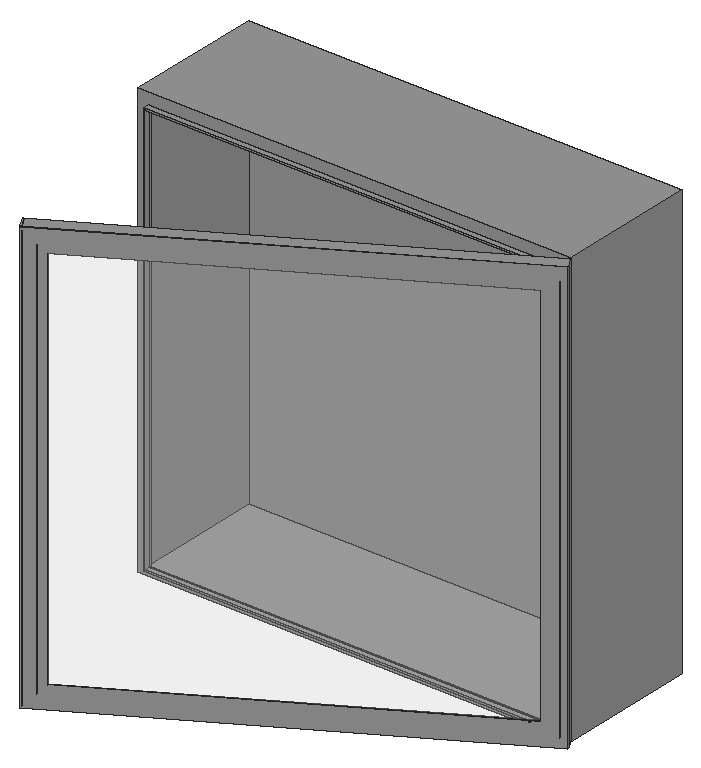
Revit family "Hager-Orion_Inox-IP66-D210-Cl.I-Inox_encl-630A-600mm-NoHosted-CH-en", category Electrical Equipment, Revit 2020
Family settings
  Panel Configuration = Two Columns, Circuits Across
  Round Connector Dimension = Use Diameter
  Part Type = Panelboard
  Work Plane-Based = Yes
  Always vertical = Yes
  Cut with Voids When Loaded = No
  Shared = No
  Room Calculation Point = No
Parameters (values of type "Surface mounted (plaster) IP66 W600 H600 D210  - FL028TWL")
  Width Control [instance] = if([EF000008 - Width] > Min Width, [EF000008 - Width], Min Width)  # 600 mm
  Type Comments = [HG000003 - Range]  # "Orion Inox"
  Thickness Door [instance] = if([EF009171 - Material plate thickness door/cover] > 3 mm, 3 mm, [EF009171 - Material plate thickness door/cover])  # 1.5 mm
  Seal Frame Offset [instance] = 17 mm  # constant formula
  Min Width [instance] = 100 mm  # constant formula
  Min Depth [instance] = (2 * [EF009170 - Material plate thickness cabinet]) + 1 mm  # 4 mm
  Min Height [instance] = 100 mm  # constant formula
  Internal Frame Depth [instance] = -(Door System Depth * 0.5)  # -9 mm
  Panel Name [instance] = ""  # (empty or 0)
  Model = ""
  HG000027 - Plinth height = 0 mm
  HG000026 - Floor standing = no
  HG000024 - Bottom section height = 600 mm
  HG000023 - Double section enclosure = no
  HG000016 - Door 3d visibility [instance] = yes
  HG000015 - Clearance visibility [instance] = no
  HG000014 - Door on the right [instance] = yes
  HG000013 - Door on the left [instance] = not([HG000014 - Door on the right])  # no
  HG000012 - Door swing angle [instance] = 30.00°
  HG000010 - Asymmetric doors = no
  HG000009 - Double swing door = no
  HG000006 - Flush mounted = no
  HG000004 - Manufacturer reference = "FL028TWL"
  HG000003 - Range = "Orion Inox"
  HG000002 - With door or cover = yes
  Frame Offset Bottom [instance] = 10 mm  # constant formula
  Frame Offset [instance] = 15 mm  # constant formula
  EF015940 - Cover with overpressure release = no
  EF011959 - Degree of protection (NEMA) = ""
  EF009554 - Number of openings for flange plates = 0
  EF009212 - Cover model = "EV000116 - Closed"
  EF009171 - Material plate thickness door/cover = 1.5 mm
  EF009170 - Material plate thickness cabinet = 1.5 mm
  EF008873 - Nominal current (In) = 630 A
  EF007800 - Suitable for lightning protection = no
  EF006306 - With lock = yes
  EF006244 - Transparent cover/door = yes
  EF005474 - Degree of protection (IP) = "EV006422 - IP66"
  EF004464 - Type of door = "EV002646 - Single"
  EF004427 - Number of modules = 0
  EF004293 - Impact strength = "EV006814 - IK08"
  EF003532 - Suitable for outdoor use = yes
  EF002950 - Width in number of modular spacings = 0
  EF001613 - Circuit integrity = "EV000494 - None"
  EF001596 - Material housing = "EV000166 - Stainless steel"
  EF001131 - Internal depth = 176 mm
  EF001088 - Extension possible = yes
  EF000437 - Number of conduit inlets = 0
  EF000339 - Type of cover = "EV004216 - Door"
  EF000266 - Number of rows = 0
  EF000218 - Built-in depth = 0 mm
  EF000118 - With mounting plate = no
  EF000116 - RAL-number = ""
  EF000049 - Depth = 210 mm
  EF000040 - Height = 600 mm
  EF000008 - Width = 600 mm
  EF000007 - Colour = "EV000154 - Other"
  EF000003 - Mounting method = "EV000384 - Surface mounted (plaster)"
  Door System Leaf Tolerance [instance] = 1.5 mm  # constant formula
  Door System Depth [instance] = 18 mm  # constant formula
  Description = ""
  Default Elevation = 1219.2 mm
  Connector Offset [instance] = Height Control / 2  # 300 mm
  Manufacturer = "Hager"  # constant formula
  Height Control [instance] = if([EF000040 - Height] > Min Height, [EF000040 - Height], Min Height)  # 600 mm
  Depth Control [instance] = if([EF000049 - Depth] > Min Depth, [EF000049 - Depth], Min Depth)  # 210 mm
Types (12, lengths in mm): name | Width Control | HG000004 - Manufacturer reference | EF009212 - Cover model | EF006306 - With lock | EF006244 - Transparent cover/door | EF004293 - Impact strength | EF001613 - Circuit integrity | EF000008 - Width
  Surface mounted (plaster) IP66 W400 H600 D210  - FL025BWL | 400 | "FL025BWL" | "EV009916 - With notch" | no | no | "EV008784 - IK10" | "" | 400
  Surface mounted (plaster) IP66 W400 H600 D210  - FL025TW | 400 | "FL025TW" | "EV000116 - Closed" | yes | yes | "EV006814 - IK08" | "EV000494 - None" | 400
  Surface mounted (plaster) IP66 W400 H600 D210  - FL025TWL | 400 | "FL025TWL" | "EV000116 - Closed" | yes | yes | "EV006814 - IK08" | "EV000494 - None" | 400
  Surface mounted (plaster) IP66 W500 H600 D210  - FL027BW | 500 | "FL027BW" | "EV000116 - Closed" | yes | no | "EV008784 - IK10" | "EV000494 - None" | 500
  Surface mounted (plaster) IP66 W500 H600 D210  - FL027BWL | 500 | "FL027BWL" | "EV000116 - Closed" | yes | no | "EV008784 - IK10" | "EV000494 - None" | 500
  Surface mounted (plaster) IP66 W500 H600 D210  - FL027TW | 500 | "FL027TW" | "EV000116 - Closed" | yes | yes | "EV006814 - IK08" | "EV000494 - None" | 500
  Surface mounted (plaster) IP66 W500 H600 D210  - FL027TWL | 500 | "FL027TWL" | "EV000116 - Closed" | yes | yes | "EV006814 - IK08" | "EV000494 - None" | 500
  Surface mounted (plaster) IP66 W600 H600 D210  - FL025BW | 600 | "FL025BW" | "EV009916 - With notch" | no | no | "EV008784 - IK10" | "" | 600
  Surface mounted (plaster) IP66 W600 H600 D210  - FL028BW | 600 | "FL028BW" | "EV000116 - Closed" | yes | no | "EV008784 - IK10" | "EV000494 - None" | 600
  Surface mounted (plaster) IP66 W600 H600 D210  - FL028BWL | 600 | "FL028BWL" | "EV000116 - Closed" | yes | no | "EV008784 - IK10" | "EV000494 - None" | 600
  Surface mounted (plaster) IP66 W600 H600 D210  - FL028TW | 600 | "FL028TW" | "EV000116 - Closed" | yes | yes | "EV006814 - IK08" | "EV000494 - None" | 600
  Surface mounted (plaster) IP66 W600 H600 D210  - FL028TWL | 600 | "FL028TWL" | "EV000116 - Closed" | yes | yes | "EV006814 - IK08" | "EV000494 - None" | 600
Reference planes
  plane 1 "Center (Front/Back)": y = 0
  plane 2: z = 0
  plane 3 "Center (Left/Right)": x = 0
  plane 4: y = 0
  plane 5: y = 0
  plane 6: z = 0
  plane 7: x = -300
  plane 8: x = 300
  plane 9: x = 298.5
  plane 10: x = -298.5
  plane 11: z = 0
  plane 12: z = 1.5
  plane 13: y = -210
  plane 14: y = -1.5
  plane 15: x = 0
  plane 16: y = -192
  plane 17: y = -208.5
  plane 18: y = -190.5
  plane 19: x = -283.5
  plane 20: x = 283.5
  plane 21: z = 11.5
  plane 22: x = -283
  plane 23: x = 283
  plane 24: z = 0
  plane 25: z = 600
  plane 26: z = 600
  plane 27: z = 583.5
  plane 28: z = 598.5
Forms (mm)
  Extrusion 1, solid, material "Hager_Stainless_Steel", detail levels medium+fine
    sketch origin (-208.679, -4572, 0) x (-1, 0, 0) y (0, -1, 0)
      loop
        line (91.321, -4380) -> (-508.679, -4380) -> (-508.679, -4572) -> (91.321, -4572) -> (91.321, -4380)
    from 0 to 600
  Extrusion 2, void
    sketch origin (-350.771, -210, 1219.2) x (1, 0, 0) y (0, 0, 1)
      loop
        line (52.271, -620.7) -> (52.271, -1217.7) -> (649.271, -1217.7) -> (649.271, -620.7) -> (52.271, -620.7)
    from -19.5 to -208.5
  Extrusion 3, void
    sketch origin (-290.084, -192, 1219.2) x (1, 0, 0) y (0, 0, 1)
      loop
        line (6.584, -1207.7) -> (573.584, -1207.7) -> (573.584, -635.7) -> (6.584, -635.7) -> (6.584, -1207.7)
    from 0 to -1.5
  Extrusion 4, solid, material "Hager_Stainless_Steel", detail levels fine
    sketch origin (-290.084, -192, 1219.2) x (-1, 0, 0) y (0, 0, 1)
      loop
        line (-573.584, -1207.7) -> (-6.584, -1207.7) -> (-6.584, -635.7) -> (-573.584, -635.7) -> (-573.584, -1207.7)
      loop
        line (-575.084, -1209.2) -> (-5.084, -1209.2) -> (-5.084, -634.2) -> (-575.084, -634.2) -> (-575.084, -1209.2)
    from 0 to -9 <- "Internal Frame Depth"
  Extrusion 5, solid, material "Hager_Stainless_Steel", detail levels coarse
    sketch origin (0, 0, 0) x (1, 0, 0) y (0, 1, 0)
      loop
        line (-300, 0) -> (-300, -210) -> (300, -210) -> (300, 0) -> (-300, 0)
    from 0 to 600 <- "Height Control"
Cuts and joins
  Extrusion 2, Extrusion 3 cuts Extrusion 1
Lines and regions (mm)
  Masking region 1
    outline origin (0, 0, 0) x (1, 0, 0) y (0, 1, 0)
      loop
        line (-300, 0) -> (-300, -210) -> (300, -210) -> (300, 0) -> (-300, 0)
  Masking region 2
    outline origin (-290.084, -192, 1219.2) x (-1, 0, 0) y (0, 0, 1)
      loop
        line (-590.084, -1219.2) -> (9.916, -1219.2) -> (9.916, -619.2) -> (-590.084, -619.2) -> (-590.084, -1219.2)
  Masking region 3, detail levels coarse
    outline origin (0, 0, 0) x (0, 1, 0) y (0, 0, 1)
      loop
        line (0, 0) -> (0, 600) -> (-210, 600) -> (-210, 0) -> (0, 0)
  Masking region 4, detail levels medium+fine
    outline origin (0, 0, 594.038) x (0, 1, 0) y (0, 0, 1)
      loop
        line (0, -594.038) -> (0, 5.962) -> (-192, 5.962) -> (-192, -594.038) -> (0, -594.038)
Dimensions and locks
  locked: plane 1 "Center (Front/Back)" to plane 5
  "EF009170 - Material plate thickness cabinet": plane 7 to plane 10
  "EF009170 - Material plate thickness cabinet": plane 8 to plane 9
  equal spacing: plane 7, plane 3 "Center (Left/Right)", plane 8
  "Width Control": plane 7 to plane 8
  "Depth Control": plane 4 to plane 13
  "EF009170 - Material plate thickness cabinet": plane 4 to plane 14
  "Height Control": plane 25 to level
  "EF009170 - Material plate thickness cabinet": plane 12 to plane 11
  "EF009170 - Material plate thickness cabinet": plane 17 to plane 13
  "EF009170 - Material plate thickness cabinet": plane 18 to plane 16
  "Frame Offset Bottom": plane 21 to plane 12
  "Frame Offset": plane 10 to plane 19
  "Frame Offset": plane 9 to plane 20
  "Door System Depth": plane 16 to plane 13
  "Seal Frame Offset": plane 7 to plane 22
  "Seal Frame Offset": plane 8 to plane 23
  "EF009170 - Material plate thickness cabinet": plane 26 to plane 28
  "Frame Offset": plane 28 to plane 27
  "Connector Offset": plane 2 to connector elem
  "Thickness Door": cut or joined group of Extrusion 1, Extrusion 2, Extrusion 3 to Extrusion 4 sketch curve
  "Thickness Door": Extrusion 4 sketch curve to plane 19
  "Thickness Door": Extrusion 4 sketch curve to plane 20
  "Thickness Door": Extrusion 4 sketch curve to plane 27
  aligned and locked: Extrusion 2 sketch curve to plane 12
  aligned and locked: Extrusion 2 sketch curve to plane 9
  aligned and locked: Extrusion 2 sketch curve to plane 10
  aligned and locked: plane 14 to Extrusion 2
  aligned and locked: plane 4 to Extrusion 1 sketch curve
  aligned and locked: plane 8 to Extrusion 1 sketch curve
  aligned and locked: plane 7 to Extrusion 1 sketch curve
  aligned and locked: Extrusion 2 to plane 18
  aligned and locked: Extrusion 3 sketch curve to plane 19
  aligned and locked: plane 20 to Extrusion 3 sketch curve
  aligned and locked: Extrusion 3 to Extrusion 2
  aligned and locked: Extrusion 3 sketch curve to plane 21
  aligned and locked: plane 3 "Center (Left/Right)" to nested 1
  aligned and locked: Extrusion 1 sketch curve to plane 16
  aligned and locked: Masking region 1 sketch curve to plane 7
  aligned and locked: Masking region 1 sketch curve to plane 5
  aligned and locked: Masking region 1 sketch curve to plane 8
  aligned and locked: Masking region 2 sketch curve to level
  aligned and locked: level to Masking region 3 sketch curve
  aligned and locked: plane 1 "Center (Front/Back)" to Masking region 3 sketch curve
  aligned and locked: plane 13 to Masking region 3 sketch curve
  aligned and locked: Masking region 2 sketch curve to plane 8
  aligned and locked: Masking region 2 sketch curve to plane 7
  aligned and locked: plane 7 to nested 2
  aligned and locked: nested 2 to plane 5
  aligned and locked: plane 5 to Masking region 4 sketch curve
  aligned and locked: plane 26 to Masking region 4 sketch curve
  aligned and locked: Extrusion 5 sketch curve to plane 8
  aligned and locked: Extrusion 5 sketch curve to plane 7
  aligned and locked: Extrusion 5 sketch curve to plane 5
  aligned and locked: Extrusion 3 sketch curve to plane 27
  aligned and locked: Extrusion 2 sketch curve to plane 28
  aligned and locked: Extrusion 4 sketch curve to plane 27
  aligned and locked: Extrusion 4 sketch curve to plane 20
  aligned and locked: Extrusion 4 sketch curve to plane 21
  aligned and locked: Extrusion 4 sketch curve to plane 19
  aligned and locked: Masking region 2 to plane 25
  aligned and locked: Masking region 4 sketch curve to plane 24
  aligned and locked: Masking region 1 to plane 13
  aligned and locked: nested 1 to plane 16
  aligned and locked: Masking region 3 to plane 25
  aligned and locked: Masking region 4 sketch curve to plane 16
  aligned and locked: plane 24 to plane 11
  aligned and locked: plane 26 to plane 25
  aligned and locked: level to plane 24
  aligned and locked: Extrusion 1 to Masking region 3
  aligned and locked: level to nested 1
Automatic sketch dimensions
  Extrusion 5 sketch curve to plane 13 = 0 mm
  plane 27 to Masking region 2 sketch curve = 16.5 mm
  plane 27 to Masking region 3 sketch curve = 16.5 mm
  Masking region 1 sketch curve to plane 13 = 0 mm
  Extrusion 3 sketch curve to plane 21 = 0 mm
  plane 19 to Extrusion 3 sketch curve = 0 mm
  Extrusion 3 sketch curve to plane 20 = 0 mm
Nested families
  nested 1: "EC000058_OrionInox_Door" at (0, -192, 0), Double <- "HG000009 - Double swing door", Transparent <- "EF006244 - Transparent cover/door", Angle <- "HG000012 - Door swing angle", Door_Right <- "HG000014 - Door on the right", Assymetrical <- "HG000010 - Asymmetric doors", Door <- "HG000002 - With door or cover", Width_Ctrl <- "Width Control", 3d_Door <- "HG000016 - Door 3d visibility", Clearance <- "HG000015 - Clearance visibility", Door_Left <- "HG000013 - Door on the left", Width <- "Width Control", Door_Depth <- "Door System Depth", Leaf_Tolerance <- "Door System Leaf Tolerance", Height <- "Height Control", Thickness <- "Thickness Door", type "EC000058_OrionInox_Door", detail levels medium+fine
    with min_wh 4 mm, Width_Ctrl 600 mm, Width 600 mm, Transparent yes, Thickness 1.5 mm, Seal_Material Hager_Rubber, Leaf_Width 600 mm, Leaf_Tolerance_External_Sides 0 mm, Leaf_Tolerance 1.5 mm, Leaf_Offset 0 mm, Leaf_Height 597 mm, Leaf_2_Width 600 mm, Leaf_2_Offset 300 mm, Leaf_1_Width 600 mm, Leaf_1_Offset 300 mm, Height_Ctrl 600 mm, Height 600 mm, Glass_Material Hager_Glass, Double_Clearance_Ctrl no, Double no, Door_Right_Ctrl yes, Door_Right yes, Door_Material Hager_Stainless_Steel, Door_Left_Ctrl no, Door_Left no, Door_Depth 18 mm, Door yes, Clearance_Material Hager_Clearance, Clearance_Depth 600 mm, Clearance_Ctrl no, Clearance no, Assymetrical no, Angle 30.00°, 3d_Door yes
  nested 2: "Hager_Enclosure_Symbol" at (-300, 0, 0), Height <- "Depth Control", Width <- "Width Control", type "Hager_Enclosure_Symbol"
    with Width_Ctrl 600 mm, Width 600 mm, Height_Ctrl 210 mm, Height 210 mm, A_Width_Int 13.781 mm, A_Width 165.375 mm, A_Height_Ctrl 183.75 mm, A_Height 183.75 mm
Connectors
  electrical at (0, 0, 300)
    settings: on plane 1 "Center (Front/Back)", index 1, voltage 0 V, apparent load 0 VA, apparent load phase1 0 VA, apparent load phase2 0 VA, apparent load phase3 0 VA, power factor 1, load classification "Other", number of poles 1, system type 30, power factor state 1, is connector primary yes, connector utility no, sub classification motor no, connector description ""
Definition of nested family "EC000058_OrionInox_Door"
  Parameters (values of type "EC000058_OrionInox_Door")
    min_wh [instance] = (2 * Thickness) + 1 mm  # 11 mm
    Width_Ctrl [instance] = 400 mm
    Width [instance] = 500 mm
    Transparent [instance] = yes
    Thickness [instance] = 5 mm
    Seal_Material [instance] = none
    Leaf_Width [instance] = if((Width_Ctrl - 2 * Leaf_Tolerance_External_Sides) > 0 mm, (Width_Ctrl - 2 * Leaf_Tolerance_External_Sides), min_wh)  # 400 mm
    Leaf_Tolerance_External_Sides [instance] = 0 mm  # constant formula
    Leaf_Tolerance [instance] = 1.5 mm
    Leaf_Offset [instance] = 0 mm  # constant formula
    Leaf_Height [instance] = if((Height_Ctrl - 2 * Leaf_Tolerance) > 0 mm, (Height_Ctrl - 2 * Leaf_Tolerance), min_wh)  # 497 mm
    Leaf_2_Width [instance] = if(and(and(Double, Assymetrical), Door_Left), (Leaf_Width / 3) - (Leaf_Tolerance / 2), if(and(and(Double, Assymetrical), Door_Right), (Leaf_Width / 3) * 2 - (Leaf_Tolerance / 2), if(and(Double, not(Assymetrical)), (Leaf_Width / 2) - Leaf_Tolerance, Leaf_Width)))  # 400 mm
    Leaf_2_Offset [instance] = if(and(Double, Assymetrical), Leaf_2_Width / 2, if(and(Double, not(Assymetrical)), Leaf_Width / 4, Leaf_Width / 2))  # 200 mm
    Leaf_1_Width [instance] = if(and(and(Double, Assymetrical), Door_Right), (Leaf_Width / 3) - (Leaf_Tolerance / 2), if(and(and(Double, Assymetrical), Door_Left), (Width / 3) * 2 - (Leaf_Tolerance / 2), if(and(Double, not(Assymetrical)), (Leaf_Width / 2) - Leaf_Tolerance, Leaf_Width)))  # 400 mm
    Leaf_1_Offset [instance] = if(and(Double, Assymetrical), Leaf_1_Width / 2, if(and(Double, not(Assymetrical)), Leaf_Width / 4, Leaf_Width / 2))  # 200 mm
    Height_Ctrl [instance] = if(Height > min_wh, Height, min_wh)  # 500 mm
    Height [instance] = 500 mm
    Glass_Material [instance] = none
    Double_Clearance_Ctrl [instance] = and(Double, Clearance)  # no
    Double [instance] = no
    Door_Right_Ctrl [instance] = and(or(Door_Right, Double), Door)  # yes
    Door_Right [instance] = yes
    Door_Material [instance] = none
    Door_Left_Ctrl [instance] = and(or(Door_Left, Double), Door)  # no
    Door_Left [instance] = no
    Door_Depth [instance] = 30 mm
    Door [instance] = yes
    Default Elevation = 1219.2 mm
    Clearance_Material [instance] = none
    Clearance_Depth [instance] = if(Leaf_1_Width > Leaf_2_Width, Leaf_1_Width, Leaf_2_Width)  # 400 mm
    Clearance_Ctrl [instance] = and(not(Double), Clearance)  # yes
    Clearance [instance] = yes
    Assymetrical [instance] = yes
    Angle [instance] = 30.00°
    3d_Door [instance] = yes
  Reference planes
    plane 1 "Center (Front/Back)": y = 0
    plane 2 "Bottom": z = 0
    plane 3 "Center (Left/Right)": x = 0
    plane 4: z = 500
    plane 5: x = -200
    plane 6: x = 200
    plane 7: z = 500
    plane 8: x = -200
    plane 9: z = 0
    plane 10: x = 200
    plane 11: y = 0
    plane 12: z = 1.5
    plane 13: x = -600
    plane 14: y = -400
    plane 15: x = 600
    plane 16: x = 0
    plane 17: x = 0
    plane 18: x = -200
    plane 19: x = 200
    plane 20: z = 498.5
  Forms (mm)
    Extrusion 1, solid, material <- "Clearance_Material", visible <- "Double_Clearance_Ctrl"
      sketch origin (1200, 0, 0) x (1, 0, 0) y (0, 0, -1)
        loop
          line (-1800, -498.5) -> (-600, -498.5) -> (-600, 0) -> (-1800, 0) -> (-1800, -498.5)
      from 0 to -400
  Dimensions and locks
    equal spacing: plane 5, plane 3 "Center (Left/Right)", plane 6
    "Width_Ctrl": plane 5 to plane 6
    "Leaf_Offset": plane 5 to plane 8
    "Leaf_Offset": plane 6 to plane 10
    "Leaf_Offset": plane 9 to level
    "Leaf_Offset": plane 4 to plane 7
    "Height_Ctrl": plane 4 to level
    "Leaf_Tolerance": plane 12 to plane 9
    locked: plane 11 to plane 1 "Center (Front/Back)"
    "Leaf_1_Offset": plane 18 to plane 16
    "Leaf_2_Offset": plane 17 to plane 19
    "Leaf_1_Width": plane 13 to plane 8
    "Leaf_2_Width": plane 10 to plane 15
    "Clearance_Depth": plane 14 to plane 1 "Center (Front/Back)"
    "Leaf_Tolerance_External_Sides": plane 8 to plane 18
    "Leaf_Tolerance_External_Sides": plane 19 to plane 10
    "Leaf_Tolerance": plane 7 to plane 20
    aligned and locked: level to plane 2 "Bottom"
    aligned and locked: nested 1 to plane 16
    aligned and locked: nested 2 to plane 17
    aligned and locked: Extrusion 1 to plane 13
    aligned and locked: plane 15 to Extrusion 1
    aligned and locked: Extrusion 1 to plane 14
    aligned and locked: plane 12 to nested 1
    aligned and locked: nested 2 to plane 12
    aligned and locked: Extrusion 1 to plane 11
    aligned and locked: plane 20 to Extrusion 1
    aligned and locked: nested 2 to plane 11
    aligned and locked: nested 1 to plane 11
  Automatic sketch dimensions
    Extrusion 1 sketch curve to level = 0 mm
    plane 5 to Extrusion 1 sketch curve = 400 mm
    plane 6 to Extrusion 1 sketch curve = 400 mm
    Extrusion 1 sketch curve to plane 4 = 1.5 mm
  Nested families
    nested 1: "EC000058_OrionInox_Door_Leaf" at (0, 0, 1.5), Width <- "Leaf_1_Width", visible <- "Door_Left_Ctrl", Leaf_Height <- "Leaf_Height", Angle <- "Angle", 3d_Door <- "3d_Door", Transparent <- "Transparent", Clearance Material <- "Clearance_Material", Clearance <- "Clearance_Ctrl", Door_Material <- "Door_Material", Glass_Material <- "Glass_Material", Door_Depth <- "Door_Depth", Seal_Material <- "Seal_Material", Thickness <- "Thickness", type "EC000058_OrionInox_Door_Leaf"
      with Width 400 mm, Transparent_Ctrl yes, Transparent yes, Thickness 5 mm, Standard no, Seal_Material none, Seal_D2 8 mm, Seal_D1 1 mm, Offset_Internal_Frame 10 mm, Lock_Width 28 mm, Lock_Thickness 2 mm, Lock_Radius 6 mm, Leaf_Height 497 mm, Internal_Seal_Thickness 8 mm, Internal_Seal_Depth_2 4.5 mm, Internal_Frame_Depth 25 mm, Glass_Thickness -1 mm, Glass_Offset -2 mm, Glass_Material none, Door_Material none, Door_Depth 30 mm, Clearance Material none, Clearance yes, Angle_Ctrl 30.00°, Angle 30.00°, 3d_Door yes
    nested 2: "EC000058_OrionInox_Door_Leaf" at (0, 0, 1.5) x (-1, 0, 0) z (0, 0, 1), Width <- "Leaf_2_Width", visible <- "Door_Right_Ctrl", Leaf_Height <- "Leaf_Height", Angle <- "Angle", 3d_Door <- "3d_Door", Transparent <- "Transparent", Clearance Material <- "Clearance_Material", Clearance <- "Clearance_Ctrl", Door_Material <- "Door_Material", Glass_Material <- "Glass_Material", Door_Depth <- "Door_Depth", Seal_Material <- "Seal_Material", Thickness <- "Thickness", type "EC000058_OrionInox_Door_Leaf"
      with Width 400 mm, Transparent_Ctrl yes, Transparent yes, Thickness 5 mm, Standard no, Seal_Material none, Seal_D2 8 mm, Seal_D1 1 mm, Offset_Internal_Frame 10 mm, Lock_Width 28 mm, Lock_Thickness 2 mm, Lock_Radius 6 mm, Leaf_Height 497 mm, Internal_Seal_Thickness 8 mm, Internal_Seal_Depth_2 4.5 mm, Internal_Frame_Depth 25 mm, Glass_Thickness -1 mm, Glass_Offset -2 mm, Glass_Material none, Door_Material none, Door_Depth 30 mm, Clearance Material none, Clearance yes, Angle_Ctrl 30.00°, Angle 30.00°, 3d_Door yes
  Definition of nested family "EC000058_OrionInox_Door_Leaf"
    Parameters (values of type "EC000058_OrionInox_Door_Leaf")
      Width [instance] = 450 mm
      Transparent_Ctrl [instance] = and(Transparent, [3d_Door])  # yes
      Transparent [instance] = yes
      Thickness [instance] = 5 mm
      Standard [instance] = and(not(Transparent), [3d_Door])  # no
      Seal_Material [instance] = none
      Seal_D2 [instance] = 8 mm  # constant formula
      Seal_D1 [instance] = 1 mm  # constant formula
      Offset_Internal_Frame [instance] = 10 mm  # constant formula
      Lock_Width [instance] = Door_Depth - Lock_Thickness  # 28 mm
      Lock_Thickness [instance] = 2 mm  # constant formula
      Lock_Radius [instance] = 6 mm  # constant formula
      Leaf_Height [instance] = 450 mm
      Internal_Seal_Thickness [instance] = 8 mm  # constant formula
      Internal_Seal_Depth_2 [instance] = 4.5 mm  # constant formula
      Internal_Frame_Depth [instance] = if(Door_Depth - Thickness > 5 mm, Door_Depth - Thickness, 5 mm)  # 25 mm
      Glass_Thickness [instance] = if(Thickness > 15 mm, Glass_Offset + 10 mm, -1 mm)  # -1 mm
      Glass_Offset [instance] = if(Thickness > 15 mm, -(Thickness + 10 mm) / 2, -2 mm)  # -2 mm
      Glass_Material [instance] = none
      Door_Material [instance] = none
      Door_Depth [instance] = 30 mm
      Default Elevation = 0 mm
      Clearance Material [instance] = none
      Clearance [instance] = yes
      Angle_Ctrl [instance] = if(Angle > 180.00°, 180.00°, Angle)  # 90.00°
      Angle [instance] = 90.00°
      3d_Door [instance] = yes
    Reference planes
      plane 1 "Center (Front/Back)": y = 0
      plane 2: z = 0
      plane 3 "Center (Left/Right)": x = 0
      plane 4: y = 450
      plane 5: x = -225
      plane 6: x = 225
      plane 7: x = -675
      plane 8: z = 450
      plane 9: z = 30
      plane 10: z = 420
      plane 11: x = 195
      plane 12: x = -195
      plane 13: y = -3
      plane 14: z = 107.833
      plane 15: y = -5
      plane 16: y = -223.314
      plane 17: x = -225
      plane 18: y = 30
    Forms (mm)
      Extrusion 1, solid, material <- "Clearance Material", visible <- "Clearance"
        sketch origin (0, 0, 0) x (1, 0, 0) y (0, 0, 1)
          loop
            line (-675, 450) -> (-675, 0) -> (225, 0) -> (225, 450) -> (-675, 450)
        from 0 to -450
      Extrusion 2, solid, material <- "Door_Material", visible <- "Standard", detail levels medium+fine
        sketch origin (-225, 0, 0) x (0, 1, 0) y (-1, 0, 0)
          loop
            line (0, 30) -> (0, 25) -> (450, 25) -> (450, 30) -> (0, 30)
        from 0 to 450 <- "Leaf_Height"
      Extrusion 3, solid, material <- "Door_Material", visible <- "Transparent_Ctrl", detail levels medium+fine
        sketch origin (-225, 0, 0) x (0, 1, 0) y (-1, 0, 0)
          loop
            line (0, 25) -> (450, 25) -> (450, 30) -> (0, 30) -> (0, 25)
        from 0 to 450 <- "Leaf_Height"
      Extrusion 4, void
        sketch origin (-250, 450, 0) x (0, 1, 0) y (0, 0, -1)
          loop
            line (-30, -420) -> (-30, -30) -> (-420, -30) -> (-420, -420) -> (-30, -420)
        from 0 to 5 <- "Thickness"
      Sweep 5, solid, material <- "Seal_Material", visible <- "Transparent_Ctrl", detail levels fine
        path in 3D
          loop
            line (-250, 30, 30) -> (-250, 30, 420) -> (-250, 420, 420) -> (-250, 420, 30) -> (-250, 30, 30)
        profile origin (-250, 225, 30) x (1, 0, 0) y (0, 0, 1)
          loop
            line (0, 0) -> (0, -8) -> (1, -8) -> (1, 0) -> (0, 0)
      Extrusion 6, solid, material <- "Glass_Material", visible <- "Transparent_Ctrl", detail levels medium+fine
        sketch origin (-255, 0, 0) x (0, 1, 0) y (0, 0, -1)
          loop
            line (420, -420) -> (420, -30) -> (30, -30) -> (30, -420) -> (420, -420)
        from -2 <- "Glass_Offset" to -1 <- "Glass_Thickness"
      Extrusion 7, solid, material <- "Door_Material", visible <- "3d_Door", detail levels medium+fine
        sketch origin (-250, 450, 0) x (0, -1, 0) y (0, 0, -1)
          loop
            line (0, -450) -> (450, -450) -> (450, 0) -> (0, 0) -> (0, -450)
          loop
            line (445, -5) -> (5, -5) -> (5, -445) -> (445, -445) -> (445, -5)
        from 0 to 25 <- "Internal_Frame_Depth"
      Sweep 8, solid, material <- "Seal_Material", visible <- "Transparent_Ctrl", detail levels fine
        path in 3D
          loop
            line (-250, 0, 0) -> (-250, 450, 0) -> (-250, 450, 450) -> (-250, 0, 450) -> (-250, 0, 0)
        profile origin (-250, 0, 225) x (1, 0, 0) y (0, 1, 0)
          loop
            line (0, 10) -> (2.975, 10)
            arc (2.975, 10) -> (4.053, 10.447) -> (4.5, 11.525) r 1.525
            line (4.5, 11.525) -> (4.5, 16.527)
            arc (4.5, 16.527) -> (4.069, 17.569) -> (3.027, 18) r 1.473
            line (3.027, 18) -> (0, 18) -> (0, 10)
    Cuts and joins
      Extrusion 4 cuts Extrusion 3
    Lines and regions (mm)
      Masking region 1, detail levels medium+fine
        outline origin (0, 0, 0) x (0, 1, 0) y (0, 0, 1)
          loop
            line (0, 0) -> (30, 0) -> (30, 450) -> (0, 450) -> (0, 0)
      Masking region 2, detail levels medium+fine
        outline origin (0, 0, 0) x (1, 0, 0) y (0, 0, 1)
          loop
            line (-225, 450) -> (-225, 0) -> (225, 0) -> (225, 450) -> (-225, 450)
      symbolic lines
        curve 1: line (225, 0, 0) -> (-675, 0, 0)
        curve 2: arc (225, 0, 0) -> (-225, 450, 0) -> (-675, 0, 0) r 450
        curve 4: line (-255, 0, 0) -> (-255, 450, 0)
      reference lines
        curve 3: line (-225, 0, 0) -> (-225, 450, 0)
      symbolic lines, detail levels medium+fine
        curve 5: line (-255, 450, 0) -> (-250, 450, 0)
        curve 7: line (-250, 0, 0) -> (-255, 0, 0)
        curve 8: line (-250, 0, 0) -> (-225, 0, 0)
        curve 9: line (-225, 0, 0) -> (-225, 450, 0)
        curve 10: line (-225, 450, 0) -> (-250, 450, 0)
      symbolic lines, detail levels fine
        curve 6: line (-250, 450, 0) -> (-250, 0, 0)
      sketch lines
        curve 11: line (-250, 0, 450) -> (-250, 0, 0)
        curve 12: line (-250, 450, 0) -> (-250, 0, 0)
        curve 13: line (-250, 450, 450) -> (-250, 450, 0)
        curve 14: line (-250, 0, 450) -> (-250, 450, 450)
        curve 15: line (-250, 420, 30) -> (-250, 30, 30)
        curve 16: line (-250, 30, 30) -> (-250, 30, 420)
        curve 17: line (-250, 420, 420) -> (-250, 420, 30)
        curve 18: line (-250, 30, 420) -> (-250, 420, 420)
      symbolic lines, visible <- "Transparent", detail levels medium+fine
        curve 19: line (-195, 0, 420) -> (195, 0, 420)
        curve 20: line (-195, 0, 30) -> (-195, 0, 420)
        curve 21: line (195, 0, 30) -> (-195, 0, 30)
        curve 22: line (195, 0, 420) -> (195, 0, 30)
    Dimensions and locks
      "Width": plane 1 "Center (Front/Back)" to plane 4
      equal spacing: plane 5, plane 3 "Center (Left/Right)", plane 6
      "Width": plane 5 to plane 6
      "Width": plane 7 to plane 5
      "Leaf_Height": plane 8 to level
      "Width": curve 5 to curve 3
      "Width": curve 3 to curve 3
      plane 8 to plane 10 = 30 mm
      plane 9 to level = 30 mm
      plane 12 to plane 5 = 30 mm
      plane 6 to plane 11 = 30 mm
      Extrusion 4 sketch curve to Extrusion 3 = 30 mm
      Extrusion 3 to Extrusion 4 sketch curve = 30 mm
      Extrusion 1 to Extrusion 4 sketch curve = 30 mm
      curve 3 to Extrusion 4 sketch curve = 30 mm
      Extrusion 4 sketch curve to cut or joined group of Extrusion 3, Extrusion 4 = 30 mm
      cut or joined group of Extrusion 3, Extrusion 4 to Extrusion 6 sketch curve = 30 mm
      cut or joined group of Extrusion 3, Extrusion 4 to Extrusion 4 sketch curve = 30 mm
      "Thickness": curve 6 to curve 4
      "Thickness": Extrusion 7 sketch curve to Extrusion 7 sketch curve  (x4)
      "Door_Depth": curve 4 to curve 3
      "Offset_Internal_Frame": profile plane to Sweep 8 sketch curve
      "Internal_Seal_Thickness": Sweep 8 sketch curve to Sweep 8 sketch curve
      "Internal_Seal_Depth_2": profile plane to Sweep 8 sketch curve
      "Seal_D1": profile plane to Sweep 5 sketch curve
      "Seal_D2": profile plane to Sweep 5 sketch curve
      "Thickness": Extrusion 2 sketch curve to Extrusion 2 sketch curve
      "Door_Depth": plane 18 to plane 1 "Center (Front/Back)"
      radius of Sweep 8 sketch curve = 1.525 mm
      radius of Sweep 8 sketch curve = 1.473 mm
      "Angle_Ctrl": angle plane 1 "Center (Front/Back)" to curve 3
      aligned and locked: level to plane 2
      aligned and locked: Extrusion 1 to curve 1
      aligned and locked: plane 6 to Extrusion 1
      aligned and locked: plane 1 "Center (Front/Back)" to Extrusion 1
      aligned and locked: plane 4 to Extrusion 1
      aligned and locked: plane 8 to Extrusion 1
      aligned and locked: curve 7 to Extrusion 2 sketch curve
      aligned and locked: curve 5 to Extrusion 2 sketch curve
      aligned and locked: curve 7 to Extrusion 3 sketch curve
      aligned and locked: Extrusion 3 sketch curve to curve 4
      aligned and locked: Extrusion 3 sketch curve to curve 6
      aligned and locked: Extrusion 3 sketch curve to curve 5
      aligned and locked: curve 9 to curve 3
      aligned and locked: Extrusion 7 sketch curve to cut or joined group of Extrusion 3, Extrusion 4  (x4)
      aligned and locked: plane 17 to curve 3
      aligned and locked: plane 1 "Center (Front/Back)" to curve 3
      aligned and locked: plane 17 to plane 5
      aligned and locked: Sweep 8 sketch curve to profile plane
      aligned and locked: Sweep 5 sketch curve to profile plane  (x2)
      aligned and locked: plane 1 "Center (Front/Back)" to Masking region 1 sketch curve
      aligned and locked: plane 18 to Masking region 1 sketch curve
      aligned and locked: level to Masking region 1 sketch curve
      aligned and locked: Masking region 1 sketch curve to plane 8
      aligned and locked: plane 17 to Masking region 2 sketch curve
      aligned and locked: level to Masking region 2 sketch curve
      aligned and locked: Masking region 2 sketch curve to plane 8
      aligned and locked: plane 12 to curve 20
      aligned and locked: plane 10 to curve 19
      aligned and locked: plane 11 to curve 22
      aligned and locked: plane 9 to curve 21
      aligned and locked: Extrusion 2 sketch curve to cut or joined group of Extrusion 3, Extrusion 4
    Automatic sketch dimensions
      plane 1 "Center (Front/Back)" to curve 2 = 0 mm
      curve 2 to plane 5 = 0 mm
      Extrusion 1 sketch curve to level = 0 mm
      Extrusion 1 sketch curve to plane 7 = 0 mm
      Extrusion 1 sketch curve to plane 6 = 0 mm
      Extrusion 1 sketch curve to plane 8 = 0 mm
      Extrusion 3 to Extrusion 6 sketch curve = 30 mm  (x4)
      Masking region 2 sketch curve to plane 6 = 0 mm
      curve 4 to curve 3 = 0 mm
Definition of nested family "Hager_Enclosure_Symbol"
  Parameters (values of type "Hager_Enclosure_Symbol")
    Width_Ctrl [instance] = if(Width > 1 mm, Width, 1 mm)  # 102.27 mm
    Width [instance] = 102.27 mm
    Height_Ctrl [instance] = if(Height > 1 mm, Height, 1 mm)  # 66.5 mm
    A_Width_Int [instance] = if(A_Width / 12 > 2 mm, A_Width / 12, 2 mm)  # 4.364 mm
    A_Width [instance] = if(A_Height_Ctrl * 0.9 > 2 mm, A_Height_Ctrl * 0.9, 2 mm)  # 52.369 mm
    A_Height_Ctrl [instance] = if(A_Height > 2 mm, A_Height, 2 mm)  # 58.188 mm
    Height [instance] = 66.5 mm
    A_Height [instance] = Height - (Height / 8)  # 58.188 mm
  Reference planes
    plane 1 "Centre (avant/arrière)": y = 0
    plane 2: z = 0
    plane 3 "Centre (gauche/droite)": x = 0
    plane 4: x = 52.369
    plane 5: y = 33.042
    plane 6: y = 41.77
    plane 7: y = 66.5
    plane 8: x = 26.184
    plane 9: y = 37.406
    plane 10: x = 102.27
    plane 11: y = 66.5
    plane 12: y = 8.313
  Lines and regions (mm)
    Filled region 1, type "Solid_Black", in view "Niveau de réf."
      outline origin (0, 0, 0) x (1, 0, 0) y (0, 1, 0)
        loop
          line (52.369, 66.5) -> (33.188, 54.536) -> (45.365, 45.006) -> (52.369, 66.5)
    Filled region 2, type "Solid_Black", in view "Niveau de réf."
      outline origin (0, 0, 0) x (1, 0, 0) y (0, 1, 0)
        loop
          line (0, 0) -> (102.27, 0) -> (102.27, 66.5) -> (0, 0)
    detail lines, in view "Niveau de réf."
      curve 1: line (0, 8.313, 0) -> (26.184, 41.77, 0)
      curve 2: line (26.184, 41.77, 0) -> (26.184, 33.042, 0)
      curve 3: line (26.184, 33.042, 0) -> (52.369, 66.5, 0)
  Dimensions and locks
    "A_Width": plane 3 "Centre (gauche/droite)" to plane 4
    equal spacing: plane 3 "Centre (gauche/droite)", plane 8, plane 4
    equal spacing: plane 6, plane 9, plane 5
    equal spacing: curve 3, Filled region 1 sketch curve, Filled region 1 sketch curve
    "Height_Ctrl": plane 1 "Centre (avant/arrière)" to plane 11
    "A_Height_Ctrl": plane 11 to plane 12
    equal spacing: plane 11, plane 9, plane 12
    "A_Width_Int": plane 6 to plane 9
    "Width_Ctrl": plane 3 "Centre (gauche/droite)" to plane 10
    angle Filled region 1 sketch curve to curve 3 = 20.00°
    angle curve 3 to Filled region 1 sketch curve = 20.00°
    locked: curve 3 to Filled region 1 sketch curve (angle 90.00°)
    aligned and locked: plane 10 to Filled region 2
    aligned and locked: plane 11 to Filled region 2 sketch curve
    aligned and locked: plane 10 to Filled region 2 sketch curve
    aligned and locked: plane 3 "Centre (gauche/droite)" to curve 1
    aligned and locked: plane 12 to curve 1
    aligned and locked: plane 7 to plane 11
  Automatic sketch dimensions
    Filled region 1 sketch curve to plane 4 = 0 mm
    Filled region 1 sketch curve to plane 7 = 0 mm
    plane 1 "Centre (avant/arrière)" to Filled region 2 sketch curve = 0 mm
    Filled region 2 sketch curve to plane 3 "Centre (gauche/droite)" = 0 mm
    curve 2 to plane 6 = 0 mm
    curve 2 to plane 8 = 0 mm
    curve 3 to plane 4 = 0 mm
    curve 2 to plane 5 = 0 mm
    curve 3 to plane 7 = 0 mm
